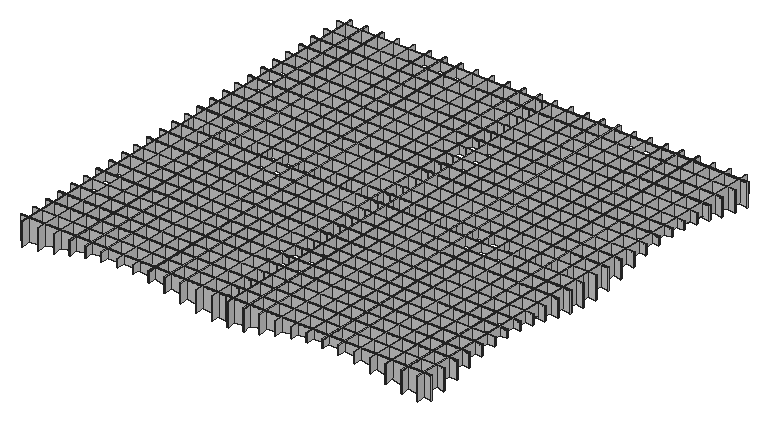
Revit family "CLD-WFL-002_RFA", category Modelos genéricos, Revit 2022 (continued)
Forms (in)
  Extrusion 58, solid
    sketch origin (0, 103.49967, 0) x (1, 0, 0) y (0, 0, 1)
      loop
        spline (87.47222, 3.21035) -> (88.12098, 3.07725) -> (88.77034, 2.94516) -> (89.42035, 2.81427) -> (90.07106, 2.68474) -> (90.72253, 2.55674) -> (91.37482, 2.43044) -> (92.02798, 2.30602) -> (92.68208, 2.18365) -> (93.33715, 2.0635) -> (93.99327, 1.94575) -> (94.65048, 1.83055) -> (95.30878, 1.71798)
        spline (95.30878, 1.71798) -> (96.03651, 1.59857) -> (96.76522, 1.48186) -> (97.49484, 1.36779) -> (98.2253, 1.25631) -> (98.95653, 1.14734) -> (99.68844, 1.04084) -> (100.42096, 0.93675) -> (101.15403, 0.83501) -> (101.88757, 0.73557) -> (102.62149, 0.63835) -> (103.35573, 0.54331) -> (104.09022, 0.45039)
        spline (104.09022, 0.45039) -> (104.41609, 0.41056) -> (104.74197, 0.37118) -> (105.06787, 0.33222) -> (105.39376, 0.29369) -> (105.71965, 0.25557) -> (106.04553, 0.21788) -> (106.37138, 0.18058) -> (106.6972, 0.14369) -> (107.02298, 0.10719) -> (107.34871, 0.07108) -> (107.67439, 0.03535) -> (108, 0)
        line (108, 0) -> (108, 11.82144)
    from -0.11811 to 0
  Extrusion 59, solid
    sketch origin (0, 104.09022, 0) x (1, 0, 0) y (0, 0, 1)
      loop
        line (108, 11.82144) -> (0, 11.82144) -> (0, 0)
        spline (0, 0) -> (0.32561, 0.03535) -> (0.65129, 0.07108) -> (0.97702, 0.10719) -> (1.3028, 0.14369) -> (1.62862, 0.18058) -> (1.95447, 0.21788) -> (2.28035, 0.25557) -> (2.60624, 0.29369) -> (2.93213, 0.33222) -> (3.25803, 0.37118) -> (3.58391, 0.41056) -> (3.90978, 0.45039)
        spline (3.90978, 0.45039) -> (4.64427, 0.54331) -> (5.37851, 0.63835) -> (6.11243, 0.73557) -> (6.84597, 0.83501) -> (7.57904, 0.93675) -> (8.31156, 1.04084) -> (9.04347, 1.14734) -> (9.7747, 1.25631) -> (10.50516, 1.36779) -> (11.23478, 1.48186) -> (11.96349, 1.59857) -> (12.69122, 1.71798)
        spline (12.69122, 1.71798) -> (13.38922, 1.83797) -> (14.08606, 1.96074) -> (14.78174, 2.08623) -> (15.47631, 2.21426) -> (16.16984, 2.34463) -> (16.86238, 2.47718) -> (17.55399, 2.61172) -> (18.24473, 2.74807) -> (18.93467, 2.88604) -> (19.62386, 3.02546) -> (20.31235, 3.16614) -> (21.00022, 3.30789)
        spline (21.00022, 3.30789) -> (21.65469, 3.44372) -> (22.3087, 3.5801) -> (22.96232, 3.71687) -> (23.61561, 3.85384) -> (24.26863, 3.99083) -> (24.92142, 4.12768) -> (25.57405, 4.2642) -> (26.22658, 4.40021) -> (26.87906, 4.53554) -> (27.53155, 4.67001) -> (28.18411, 4.80344) -> (28.83678, 4.93566)
        spline (28.83678, 4.93566) -> (29.71888, 5.11051) -> (30.60133, 5.28308) -> (31.48418, 5.45313) -> (32.36752, 5.62042) -> (33.25139, 5.78471) -> (34.13589, 5.94577) -> (35.02106, 6.10336) -> (35.90699, 6.25724) -> (36.79374, 6.40717) -> (37.68137, 6.55291) -> (38.56997, 6.69423) -> (39.45958, 6.83089)
        spline (39.45958, 6.83089) -> (39.81456, 6.88206) -> (40.17002, 6.93114) -> (40.52597, 6.97806) -> (40.88246, 7.0227) -> (41.2395, 7.065) -> (41.59707, 7.10495) -> (41.95516, 7.14258) -> (42.31373, 7.17791) -> (42.67277, 7.21097) -> (43.03223, 7.2418) -> (43.3921, 7.27043) -> (43.75234, 7.29687)
        spline (43.75234, 7.29687) -> (44.62318, 7.35197) -> (45.49474, 7.40207) -> (46.36696, 7.44722) -> (47.23979, 7.48751) -> (48.11314, 7.52299) -> (48.98697, 7.55374) -> (49.8612, 7.57983) -> (50.73577, 7.60132) -> (51.61063, 7.61828) -> (52.48569, 7.63078) -> (53.36091, 7.63889) -> (54.23622, 7.64268)
        spline (54.23622, 7.64268) -> (54.8905, 7.63994) -> (55.54471, 7.63396) -> (56.19881, 7.62471) -> (56.85275, 7.61212) -> (57.50648, 7.59614) -> (58.15996, 7.57673) -> (58.81313, 7.55383) -> (59.46596, 7.5274) -> (60.11838, 7.49738) -> (60.77036, 7.46371) -> (61.42184, 7.42635) -> (62.07278, 7.38525)
        spline (62.07278, 7.38525) -> (62.80971, 7.33115) -> (63.54587, 7.27259) -> (64.28121, 7.20951) -> (65.01566, 7.14186) -> (65.74917, 7.06957) -> (66.48169, 6.99259) -> (67.21316, 6.91086) -> (67.94353, 6.82432) -> (68.67277, 6.73297) -> (69.40093, 6.637) -> (70.12806, 6.53658) -> (70.85422, 6.4319)
        spline (70.85422, 6.4319) -> (71.51051, 6.33081) -> (72.16604, 6.22628) -> (72.82086, 6.11849) -> (73.47503, 6.00761) -> (74.12859, 5.89382) -> (74.78159, 5.7773) -> (75.43409, 5.65821) -> (76.08613, 5.53673) -> (76.73777, 5.41305) -> (77.38906, 5.28733) -> (78.04005, 5.15975) -> (78.69078, 5.03049)
        spline (78.69078, 5.03049) -> (79.42214, 4.88265) -> (80.15338, 4.73345) -> (80.88454, 4.58309) -> (81.6157, 4.43177) -> (82.3469, 4.27969) -> (83.07823, 4.12703) -> (83.80973, 3.97401) -> (84.54148, 3.82083) -> (85.27354, 3.66767) -> (86.00597, 3.51473) -> (86.73884, 3.36223) -> (87.47222, 3.21035)
        spline (87.47222, 3.21035) -> (88.12098, 3.07725) -> (88.77034, 2.94516) -> (89.42035, 2.81427) -> (90.07106, 2.68474) -> (90.72253, 2.55674) -> (91.37482, 2.43044) -> (92.02798, 2.30602) -> (92.68208, 2.18365) -> (93.33715, 2.0635) -> (93.99327, 1.94575) -> (94.65048, 1.83055) -> (95.30878, 1.71798)
        spline (95.30878, 1.71798) -> (96.03651, 1.59857) -> (96.76522, 1.48186) -> (97.49484, 1.36779) -> (98.2253, 1.25631) -> (98.95653, 1.14734) -> (99.68844, 1.04084) -> (100.42096, 0.93675) -> (101.15403, 0.83501) -> (101.88757, 0.73557) -> (102.62149, 0.63835) -> (103.35573, 0.54331) -> (104.09022, 0.45039)
        spline (104.09022, 0.45039) -> (104.41609, 0.41056) -> (104.74197, 0.37118) -> (105.06787, 0.33222) -> (105.39376, 0.29369) -> (105.71965, 0.25557) -> (106.04553, 0.21788) -> (106.37138, 0.18058) -> (106.6972, 0.14369) -> (107.02298, 0.10719) -> (107.34871, 0.07108) -> (107.67439, 0.03535) -> (108, 0)
        line (108, 0) -> (108, 11.82144)
    from -0.11811 to 0
  Extrusion 60, solid
    sketch origin (0, 103.97211, 0) x (1, 0, 0) y (0, 0, 1)
      loop
        line (108, 11.82144) -> (0, 11.82144) -> (0, 0)
        spline (0, 0) -> (0.32561, 0.03535) -> (0.65129, 0.07108) -> (0.97702, 0.10719) -> (1.3028, 0.14369) -> (1.62862, 0.18058) -> (1.95447, 0.21788) -> (2.28035, 0.25557) -> (2.60624, 0.29369) -> (2.93213, 0.33222) -> (3.25803, 0.37118) -> (3.58391, 0.41056) -> (3.90978, 0.45039)
        spline (3.90978, 0.45039) -> (4.64427, 0.54331) -> (5.37851, 0.63835) -> (6.11243, 0.73557) -> (6.84597, 0.83501) -> (7.57904, 0.93675) -> (8.31156, 1.04084) -> (9.04347, 1.14734) -> (9.7747, 1.25631) -> (10.50516, 1.36779) -> (11.23478, 1.48186) -> (11.96349, 1.59857) -> (12.69122, 1.71798)
        spline (12.69122, 1.71798) -> (13.38922, 1.83797) -> (14.08606, 1.96074) -> (14.78174, 2.08623) -> (15.47631, 2.21426) -> (16.16984, 2.34463) -> (16.86238, 2.47718) -> (17.55399, 2.61172) -> (18.24473, 2.74807) -> (18.93467, 2.88604) -> (19.62386, 3.02546) -> (20.31235, 3.16614) -> (21.00022, 3.30789)
        spline (21.00022, 3.30789) -> (21.65469, 3.44372) -> (22.3087, 3.5801) -> (22.96232, 3.71687) -> (23.61561, 3.85384) -> (24.26863, 3.99083) -> (24.92142, 4.12768) -> (25.57405, 4.2642) -> (26.22658, 4.40021) -> (26.87906, 4.53554) -> (27.53155, 4.67001) -> (28.18411, 4.80344) -> (28.83678, 4.93566)
        spline (28.83678, 4.93566) -> (29.71888, 5.11051) -> (30.60133, 5.28308) -> (31.48418, 5.45313) -> (32.36752, 5.62042) -> (33.25139, 5.78471) -> (34.13589, 5.94577) -> (35.02106, 6.10336) -> (35.90699, 6.25724) -> (36.79374, 6.40717) -> (37.68137, 6.55291) -> (38.56997, 6.69423) -> (39.45958, 6.83089)
        spline (39.45958, 6.83089) -> (39.81456, 6.88206) -> (40.17002, 6.93114) -> (40.52597, 6.97806) -> (40.88246, 7.0227) -> (41.2395, 7.065) -> (41.59707, 7.10495) -> (41.95516, 7.14258) -> (42.31373, 7.17791) -> (42.67277, 7.21097) -> (43.03223, 7.2418) -> (43.3921, 7.27043) -> (43.75234, 7.29687)
        spline (43.75234, 7.29687) -> (44.62318, 7.35197) -> (45.49474, 7.40207) -> (46.36696, 7.44722) -> (47.23979, 7.48751) -> (48.11314, 7.52299) -> (48.98697, 7.55374) -> (49.8612, 7.57983) -> (50.73577, 7.60132) -> (51.61063, 7.61828) -> (52.48569, 7.63078) -> (53.36091, 7.63889) -> (54.23622, 7.64268)
        spline (54.23622, 7.64268) -> (54.8905, 7.63994) -> (55.54471, 7.63396) -> (56.19881, 7.62471) -> (56.85275, 7.61212) -> (57.50648, 7.59614) -> (58.15996, 7.57673) -> (58.81313, 7.55383) -> (59.46596, 7.5274) -> (60.11838, 7.49738) -> (60.77036, 7.46371) -> (61.42184, 7.42635) -> (62.07278, 7.38525)
        spline (62.07278, 7.38525) -> (62.80971, 7.33115) -> (63.54587, 7.27259) -> (64.28121, 7.20951) -> (65.01566, 7.14186) -> (65.74917, 7.06957) -> (66.48169, 6.99259) -> (67.21316, 6.91086) -> (67.94353, 6.82432) -> (68.67277, 6.73297) -> (69.40093, 6.637) -> (70.12806, 6.53658) -> (70.85422, 6.4319)
        spline (70.85422, 6.4319) -> (71.51051, 6.33081) -> (72.16604, 6.22628) -> (72.82086, 6.11849) -> (73.47503, 6.00761) -> (74.12859, 5.89382) -> (74.78159, 5.7773) -> (75.43409, 5.65821) -> (76.08613, 5.53673) -> (76.73777, 5.41305) -> (77.38906, 5.28733) -> (78.04005, 5.15975) -> (78.69078, 5.03049)
        spline (78.69078, 5.03049) -> (79.42214, 4.88265) -> (80.15338, 4.73345) -> (80.88454, 4.58309) -> (81.6157, 4.43177) -> (82.3469, 4.27969) -> (83.07823, 4.12703) -> (83.80973, 3.97401) -> (84.54148, 3.82083) -> (85.27354, 3.66767) -> (86.00597, 3.51473) -> (86.73884, 3.36223) -> (87.47222, 3.21035)
        spline (87.47222, 3.21035) -> (88.12098, 3.07725) -> (88.77034, 2.94516) -> (89.42035, 2.81427) -> (90.07106, 2.68474) -> (90.72253, 2.55674) -> (91.37482, 2.43044) -> (92.02798, 2.30602) -> (92.68208, 2.18365) -> (93.33715, 2.0635) -> (93.99327, 1.94575) -> (94.65048, 1.83055) -> (95.30878, 1.71798)
        spline (95.30878, 1.71798) -> (96.03651, 1.59857) -> (96.76522, 1.48186) -> (97.49484, 1.36779) -> (98.2253, 1.25631) -> (98.95653, 1.14734) -> (99.68844, 1.04084) -> (100.42096, 0.93675) -> (101.15403, 0.83501) -> (101.88757, 0.73557) -> (102.62149, 0.63835) -> (103.35573, 0.54331) -> (104.09022, 0.45039)
        spline (104.09022, 0.45039) -> (104.41609, 0.41056) -> (104.74197, 0.37118) -> (105.06787, 0.33222) -> (105.39376, 0.29369) -> (105.71965, 0.25557) -> (106.04553, 0.21788) -> (106.37138, 0.18058) -> (106.6972, 0.14369) -> (107.02298, 0.10719) -> (107.34871, 0.07108) -> (107.67439, 0.03535) -> (108, 0)
        line (108, 0) -> (108, 11.82144)
    from -0.11811 to 0.35433
  Extrusion 61, solid, not visible
    sketch origin (0, 0, 0) x (1, 0, 0) y (0, 0, 1)
      loop
        line (108, 11.82144) -> (0, 11.82144) -> (0, 0)
        spline (0, 0) -> (0.32561, 0.03535) -> (0.65129, 0.07108) -> (0.97702, 0.10719) -> (1.3028, 0.14369) -> (1.62862, 0.18058) -> (1.95447, 0.21788) -> (2.28035, 0.25557) -> (2.60624, 0.29369) -> (2.93213, 0.33222) -> (3.25803, 0.37118) -> (3.58391, 0.41056) -> (3.90978, 0.45039)
        spline (3.90978, 0.45039) -> (4.64427, 0.54331) -> (5.37851, 0.63835) -> (6.11243, 0.73557) -> (6.84597, 0.83501) -> (7.57904, 0.93675) -> (8.31156, 1.04084) -> (9.04347, 1.14734) -> (9.7747, 1.25631) -> (10.50516, 1.36779) -> (11.23478, 1.48186) -> (11.96349, 1.59857) -> (12.69122, 1.71798)
        spline (12.69122, 1.71798) -> (13.38922, 1.83797) -> (14.08606, 1.96074) -> (14.78174, 2.08623) -> (15.47631, 2.21426) -> (16.16984, 2.34463) -> (16.86238, 2.47718) -> (17.55399, 2.61172) -> (18.24473, 2.74807) -> (18.93467, 2.88604) -> (19.62386, 3.02546) -> (20.31235, 3.16614) -> (21.00022, 3.30789)
        spline (21.00022, 3.30789) -> (21.65469, 3.44372) -> (22.3087, 3.5801) -> (22.96232, 3.71687) -> (23.61561, 3.85384) -> (24.26863, 3.99083) -> (24.92142, 4.12768) -> (25.57405, 4.2642) -> (26.22658, 4.40021) -> (26.87906, 4.53554) -> (27.53155, 4.67001) -> (28.18411, 4.80344) -> (28.83678, 4.93566)
        spline (28.83678, 4.93566) -> (29.71888, 5.11051) -> (30.60133, 5.28308) -> (31.48418, 5.45313) -> (32.36752, 5.62042) -> (33.25139, 5.78471) -> (34.13589, 5.94577) -> (35.02106, 6.10336) -> (35.90699, 6.25724) -> (36.79374, 6.40717) -> (37.68137, 6.55291) -> (38.56997, 6.69423) -> (39.45958, 6.83089)
        spline (39.45958, 6.83089) -> (39.81456, 6.88206) -> (40.17002, 6.93114) -> (40.52597, 6.97806) -> (40.88246, 7.0227) -> (41.2395, 7.065) -> (41.59707, 7.10495) -> (41.95516, 7.14258) -> (42.31373, 7.17791) -> (42.67277, 7.21097) -> (43.03223, 7.2418) -> (43.3921, 7.27043) -> (43.75234, 7.29687)
        spline (43.75234, 7.29687) -> (44.62318, 7.35197) -> (45.49474, 7.40207) -> (46.36696, 7.44722) -> (47.23979, 7.48751) -> (48.11314, 7.52299) -> (48.98697, 7.55374) -> (49.8612, 7.57983) -> (50.73577, 7.60132) -> (51.61063, 7.61828) -> (52.48569, 7.63078) -> (53.36091, 7.63889) -> (54.23622, 7.64268)
        spline (54.23622, 7.64268) -> (54.8905, 7.63994) -> (55.54471, 7.63396) -> (56.19881, 7.62471) -> (56.85275, 7.61212) -> (57.50648, 7.59614) -> (58.15996, 7.57673) -> (58.81313, 7.55383) -> (59.46596, 7.5274) -> (60.11838, 7.49738) -> (60.77036, 7.46371) -> (61.42184, 7.42635) -> (62.07278, 7.38525)
        spline (62.07278, 7.38525) -> (62.80971, 7.33115) -> (63.54587, 7.27259) -> (64.28121, 7.20951) -> (65.01566, 7.14186) -> (65.74917, 7.06957) -> (66.48169, 6.99259) -> (67.21316, 6.91086) -> (67.94353, 6.82432) -> (68.67277, 6.73297) -> (69.40093, 6.637) -> (70.12806, 6.53658) -> (70.85422, 6.4319)
        spline (70.85422, 6.4319) -> (71.51051, 6.33081) -> (72.16604, 6.22628) -> (72.82086, 6.11849) -> (73.47503, 6.00761) -> (74.12859, 5.89382) -> (74.78159, 5.7773) -> (75.43409, 5.65821) -> (76.08613, 5.53673) -> (76.73777, 5.41305) -> (77.38906, 5.28733) -> (78.04005, 5.15975) -> (78.69078, 5.03049)
        spline (78.69078, 5.03049) -> (79.42214, 4.88265) -> (80.15338, 4.73345) -> (80.88454, 4.58309) -> (81.6157, 4.43177) -> (82.3469, 4.27969) -> (83.07823, 4.12703) -> (83.80973, 3.97401) -> (84.54148, 3.82083) -> (85.27354, 3.66767) -> (86.00597, 3.51473) -> (86.73884, 3.36223) -> (87.47222, 3.21035)
        spline (87.47222, 3.21035) -> (88.12098, 3.07725) -> (88.77034, 2.94516) -> (89.42035, 2.81427) -> (90.07106, 2.68474) -> (90.72253, 2.55674) -> (91.37482, 2.43044) -> (92.02798, 2.30602) -> (92.68208, 2.18365) -> (93.33715, 2.0635) -> (93.99327, 1.94575) -> (94.65048, 1.83055) -> (95.30878, 1.71798)
        spline (95.30878, 1.71798) -> (96.03651, 1.59857) -> (96.76522, 1.48186) -> (97.49484, 1.36779) -> (98.2253, 1.25631) -> (98.95653, 1.14734) -> (99.68844, 1.04084) -> (100.42096, 0.93675) -> (101.15403, 0.83501) -> (101.88757, 0.73557) -> (102.62149, 0.63835) -> (103.35573, 0.54331) -> (104.09022, 0.45039)
        spline (104.09022, 0.45039) -> (104.41609, 0.41056) -> (104.74197, 0.37118) -> (105.06787, 0.33222) -> (105.39376, 0.29369) -> (105.71965, 0.25557) -> (106.04553, 0.21788) -> (106.37138, 0.18058) -> (106.6972, 0.14369) -> (107.02298, 0.10719) -> (107.34871, 0.07108) -> (107.67439, 0.03535) -> (108, 0)
        line (108, 0) -> (108, 11.82144)
    from -0.11811 to 0
  Extrusion 62, solid, not visible
    sketch origin (0, 0.59055, 0) x (1, 0, 0) y (0, 0, 1)
      loop
        line (108, 11.82144) -> (0, 11.82144) -> (0, 0)
        spline (0, 0) -> (0.32561, 0.03535) -> (0.65129, 0.07108) -> (0.97702, 0.10719) -> (1.3028, 0.14369) -> (1.62862, 0.18058) -> (1.95447, 0.21788) -> (2.28035, 0.25557) -> (2.60624, 0.29369) -> (2.93213, 0.33222) -> (3.25803, 0.37118) -> (3.58391, 0.41056) -> (3.90978, 0.45039)
        spline (3.90978, 0.45039) -> (4.64427, 0.54331) -> (5.37851, 0.63835) -> (6.11243, 0.73557) -> (6.84597, 0.83501) -> (7.57904, 0.93675) -> (8.31156, 1.04084) -> (9.04347, 1.14734) -> (9.7747, 1.25631) -> (10.50516, 1.36779) -> (11.23478, 1.48186) -> (11.96349, 1.59857) -> (12.69122, 1.71798)
        spline (12.69122, 1.71798) -> (13.38922, 1.83797) -> (14.08606, 1.96074) -> (14.78174, 2.08623) -> (15.47631, 2.21426) -> (16.16984, 2.34463) -> (16.86238, 2.47718) -> (17.55399, 2.61172) -> (18.24473, 2.74807) -> (18.93467, 2.88604) -> (19.62386, 3.02546) -> (20.31235, 3.16614) -> (21.00022, 3.30789)
        spline (21.00022, 3.30789) -> (21.65469, 3.44372) -> (22.3087, 3.5801) -> (22.96232, 3.71687) -> (23.61561, 3.85384) -> (24.26863, 3.99083) -> (24.92142, 4.12768) -> (25.57405, 4.2642) -> (26.22658, 4.40021) -> (26.87906, 4.53554) -> (27.53155, 4.67001) -> (28.18411, 4.80344) -> (28.83678, 4.93566)
        spline (28.83678, 4.93566) -> (29.71888, 5.11051) -> (30.60133, 5.28308) -> (31.48418, 5.45313) -> (32.36752, 5.62042) -> (33.25139, 5.78471) -> (34.13589, 5.94577) -> (35.02106, 6.10336) -> (35.90699, 6.25724) -> (36.79374, 6.40717) -> (37.68137, 6.55291) -> (38.56997, 6.69423) -> (39.45958, 6.83089)
        spline (39.45958, 6.83089) -> (39.81456, 6.88206) -> (40.17002, 6.93114) -> (40.52597, 6.97806) -> (40.88246, 7.0227) -> (41.2395, 7.065) -> (41.59707, 7.10495) -> (41.95516, 7.14258) -> (42.31373, 7.17791) -> (42.67277, 7.21097) -> (43.03223, 7.2418) -> (43.3921, 7.27043) -> (43.75234, 7.29687)
        spline (43.75234, 7.29687) -> (44.62318, 7.35197) -> (45.49474, 7.40207) -> (46.36696, 7.44722) -> (47.23979, 7.48751) -> (48.11314, 7.52299) -> (48.98697, 7.55374) -> (49.8612, 7.57983) -> (50.73577, 7.60132) -> (51.61063, 7.61828) -> (52.48569, 7.63078) -> (53.36091, 7.63889) -> (54.23622, 7.64268)
        spline (54.23622, 7.64268) -> (54.8905, 7.63994) -> (55.54471, 7.63396) -> (56.19881, 7.62471) -> (56.85275, 7.61212) -> (57.50648, 7.59614) -> (58.15996, 7.57673) -> (58.81313, 7.55383) -> (59.46596, 7.5274) -> (60.11838, 7.49738) -> (60.77036, 7.46371) -> (61.42184, 7.42635) -> (62.07278, 7.38525)
        spline (62.07278, 7.38525) -> (62.80971, 7.33115) -> (63.54587, 7.27259) -> (64.28121, 7.20951) -> (65.01566, 7.14186) -> (65.74917, 7.06957) -> (66.48169, 6.99259) -> (67.21316, 6.91086) -> (67.94353, 6.82432) -> (68.67277, 6.73297) -> (69.40093, 6.637) -> (70.12806, 6.53658) -> (70.85422, 6.4319)
        spline (70.85422, 6.4319) -> (71.51051, 6.33081) -> (72.16604, 6.22628) -> (72.82086, 6.11849) -> (73.47503, 6.00761) -> (74.12859, 5.89382) -> (74.78159, 5.7773) -> (75.43409, 5.65821) -> (76.08613, 5.53673) -> (76.73777, 5.41305) -> (77.38906, 5.28733) -> (78.04005, 5.15975) -> (78.69078, 5.03049)
        spline (78.69078, 5.03049) -> (79.42214, 4.88265) -> (80.15338, 4.73345) -> (80.88454, 4.58309) -> (81.6157, 4.43177) -> (82.3469, 4.27969) -> (83.07823, 4.12703) -> (83.80973, 3.97401) -> (84.54148, 3.82083) -> (85.27354, 3.66767) -> (86.00597, 3.51473) -> (86.73884, 3.36223) -> (87.47222, 3.21035)
        spline (87.47222, 3.21035) -> (88.12098, 3.07725) -> (88.77034, 2.94516) -> (89.42035, 2.81427) -> (90.07106, 2.68474) -> (90.72253, 2.55674) -> (91.37482, 2.43044) -> (92.02798, 2.30602) -> (92.68208, 2.18365) -> (93.33715, 2.0635) -> (93.99327, 1.94575) -> (94.65048, 1.83055) -> (95.30878, 1.71798)
        spline (95.30878, 1.71798) -> (96.03651, 1.59857) -> (96.76522, 1.48186) -> (97.49484, 1.36779) -> (98.2253, 1.25631) -> (98.95653, 1.14734) -> (99.68844, 1.04084) -> (100.42096, 0.93675) -> (101.15403, 0.83501) -> (101.88757, 0.73557) -> (102.62149, 0.63835) -> (103.35573, 0.54331) -> (104.09022, 0.45039)
        spline (104.09022, 0.45039) -> (104.41609, 0.41056) -> (104.74197, 0.37118) -> (105.06787, 0.33222) -> (105.39376, 0.29369) -> (105.71965, 0.25557) -> (106.04553, 0.21788) -> (106.37138, 0.18058) -> (106.6972, 0.14369) -> (107.02298, 0.10719) -> (107.34871, 0.07108) -> (107.67439, 0.03535) -> (108, 0)
        line (108, 0) -> (108, 11.82144)
    from -0.11811 to 0
  Extrusion 63, solid, not visible
    sketch origin (0, 0.47244, 0) x (1, 0, 0) y (0, 0, 1)
      loop
        line (108, 11.82144) -> (0, 11.82144) -> (0, 0)
        spline (0, 0) -> (0.32561, 0.03535) -> (0.65129, 0.07108) -> (0.97702, 0.10719) -> (1.3028, 0.14369) -> (1.62862, 0.18058) -> (1.95447, 0.21788) -> (2.28035, 0.25557) -> (2.60624, 0.29369) -> (2.93213, 0.33222) -> (3.25803, 0.37118) -> (3.58391, 0.41056) -> (3.90978, 0.45039)
        spline (3.90978, 0.45039) -> (4.64427, 0.54331) -> (5.37851, 0.63835) -> (6.11243, 0.73557) -> (6.84597, 0.83501) -> (7.57904, 0.93675) -> (8.31156, 1.04084) -> (9.04347, 1.14734) -> (9.7747, 1.25631) -> (10.50516, 1.36779) -> (11.23478, 1.48186) -> (11.96349, 1.59857) -> (12.69122, 1.71798)
        spline (12.69122, 1.71798) -> (13.38922, 1.83797) -> (14.08606, 1.96074) -> (14.78174, 2.08623) -> (15.47631, 2.21426) -> (16.16984, 2.34463) -> (16.86238, 2.47718) -> (17.55399, 2.61172) -> (18.24473, 2.74807) -> (18.93467, 2.88604) -> (19.62386, 3.02546) -> (20.31235, 3.16614) -> (21.00022, 3.30789)
        spline (21.00022, 3.30789) -> (21.65469, 3.44372) -> (22.3087, 3.5801) -> (22.96232, 3.71687) -> (23.61561, 3.85384) -> (24.26863, 3.99083) -> (24.92142, 4.12768) -> (25.57405, 4.2642) -> (26.22658, 4.40021) -> (26.87906, 4.53554) -> (27.53155, 4.67001) -> (28.18411, 4.80344) -> (28.83678, 4.93566)
        spline (28.83678, 4.93566) -> (29.71888, 5.11051) -> (30.60133, 5.28308) -> (31.48418, 5.45313) -> (32.36752, 5.62042) -> (33.25139, 5.78471) -> (34.13589, 5.94577) -> (35.02106, 6.10336) -> (35.90699, 6.25724) -> (36.79374, 6.40717) -> (37.68137, 6.55291) -> (38.56997, 6.69423) -> (39.45958, 6.83089)
        spline (39.45958, 6.83089) -> (39.81456, 6.88206) -> (40.17002, 6.93114) -> (40.52597, 6.97806) -> (40.88246, 7.0227) -> (41.2395, 7.065) -> (41.59707, 7.10495) -> (41.95516, 7.14258) -> (42.31373, 7.17791) -> (42.67277, 7.21097) -> (43.03223, 7.2418) -> (43.3921, 7.27043) -> (43.75234, 7.29687)
        spline (43.75234, 7.29687) -> (44.62318, 7.35197) -> (45.49474, 7.40207) -> (46.36696, 7.44722) -> (47.23979, 7.48751) -> (48.11314, 7.52299) -> (48.98697, 7.55374) -> (49.8612, 7.57983) -> (50.73577, 7.60132) -> (51.61063, 7.61828) -> (52.48569, 7.63078) -> (53.36091, 7.63889) -> (54.23622, 7.64268)
        spline (54.23622, 7.64268) -> (54.8905, 7.63994) -> (55.54471, 7.63396) -> (56.19881, 7.62471) -> (56.85275, 7.61212) -> (57.50648, 7.59614) -> (58.15996, 7.57673) -> (58.81313, 7.55383) -> (59.46596, 7.5274) -> (60.11838, 7.49738) -> (60.77036, 7.46371) -> (61.42184, 7.42635) -> (62.07278, 7.38525)
        spline (62.07278, 7.38525) -> (62.80971, 7.33115) -> (63.54587, 7.27259) -> (64.28121, 7.20951) -> (65.01566, 7.14186) -> (65.74917, 7.06957) -> (66.48169, 6.99259) -> (67.21316, 6.91086) -> (67.94353, 6.82432) -> (68.67277, 6.73297) -> (69.40093, 6.637) -> (70.12806, 6.53658) -> (70.85422, 6.4319)
        spline (70.85422, 6.4319) -> (71.51051, 6.33081) -> (72.16604, 6.22628) -> (72.82086, 6.11849) -> (73.47503, 6.00761) -> (74.12859, 5.89382) -> (74.78159, 5.7773) -> (75.43409, 5.65821) -> (76.08613, 5.53673) -> (76.73777, 5.41305) -> (77.38906, 5.28733) -> (78.04005, 5.15975) -> (78.69078, 5.03049)
        spline (78.69078, 5.03049) -> (79.42214, 4.88265) -> (80.15338, 4.73345) -> (80.88454, 4.58309) -> (81.6157, 4.43177) -> (82.3469, 4.27969) -> (83.07823, 4.12703) -> (83.80973, 3.97401) -> (84.54148, 3.82083) -> (85.27354, 3.66767) -> (86.00597, 3.51473) -> (86.73884, 3.36223) -> (87.47222, 3.21035)
        spline (87.47222, 3.21035) -> (88.12098, 3.07725) -> (88.77034, 2.94516) -> (89.42035, 2.81427) -> (90.07106, 2.68474) -> (90.72253, 2.55674) -> (91.37482, 2.43044) -> (92.02798, 2.30602) -> (92.68208, 2.18365) -> (93.33715, 2.0635) -> (93.99327, 1.94575) -> (94.65048, 1.83055) -> (95.30878, 1.71798)
        spline (95.30878, 1.71798) -> (96.03651, 1.59857) -> (96.76522, 1.48186) -> (97.49484, 1.36779) -> (98.2253, 1.25631) -> (98.95653, 1.14734) -> (99.68844, 1.04084) -> (100.42096, 0.93675) -> (101.15403, 0.83501) -> (101.88757, 0.73557) -> (102.62149, 0.63835) -> (103.35573, 0.54331) -> (104.09022, 0.45039)
        spline (104.09022, 0.45039) -> (104.41609, 0.41056) -> (104.74197, 0.37118) -> (105.06787, 0.33222) -> (105.39376, 0.29369) -> (105.71965, 0.25557) -> (106.04553, 0.21788) -> (106.37138, 0.18058) -> (106.6972, 0.14369) -> (107.02298, 0.10719) -> (107.34871, 0.07108) -> (107.67439, 0.03535) -> (108, 0)
        line (108, 0) -> (108, 11.82144)
    from -0.11811 to 0.35433
  Extrusion 64, solid, not visible
    sketch origin (0, 8.309, 0) x (1, 0, 0) y (0, 0, 1)
      loop
        line (108, 11.82144) -> (0, 11.82144) -> (0, 0.88375)
        spline (0, 0.88375) -> (0.32561, 0.94348) -> (0.65129, 1.00296) -> (0.97702, 1.06219) -> (1.3028, 1.12116) -> (1.62862, 1.1799) -> (1.95447, 1.23838) -> (2.28035, 1.29662) -> (2.60624, 1.35462) -> (2.93213, 1.41237) -> (3.25803, 1.46988) -> (3.58391, 1.52715) -> (3.90978, 1.58418)
        spline (3.90978, 1.58418) -> (4.64426, 1.71122) -> (5.37851, 1.8372) -> (6.11243, 1.96212) -> (6.84596, 2.086) -> (7.57903, 2.20885) -> (8.31155, 2.33067) -> (9.04347, 2.45149) -> (9.77469, 2.57131) -> (10.50515, 2.69014) -> (11.23478, 2.80798) -> (11.96349, 2.92486) -> (12.69122, 3.04079)
        spline (12.69122, 3.04079) -> (13.34952, 3.14441) -> (14.00673, 3.24717) -> (14.66285, 3.34906) -> (15.31792, 3.45005) -> (15.97202, 3.55011) -> (16.62518, 3.64921) -> (17.27747, 3.74732) -> (17.92894, 3.8444) -> (18.57965, 3.94043) -> (19.22966, 4.03537) -> (19.87902, 4.12919) -> (20.52778, 4.22187)
        spline (20.52778, 4.22187) -> (21.26116, 4.32437) -> (21.99403, 4.42546) -> (22.72646, 4.52511) -> (23.45852, 4.62328) -> (24.19027, 4.71993) -> (24.92177, 4.81503) -> (25.6531, 4.90854) -> (26.3843, 5.00042) -> (27.11545, 5.09065) -> (27.84662, 5.17918) -> (28.57786, 5.26598) -> (29.30922, 5.35101)
        spline (29.30922, 5.35101) -> (29.95995, 5.42391) -> (30.61094, 5.49516) -> (31.26223, 5.56472) -> (31.91387, 5.63257) -> (32.56591, 5.69867) -> (33.21841, 5.763) -> (33.87141, 5.82551) -> (34.52497, 5.88618) -> (35.17914, 5.94498) -> (35.83396, 6.00187) -> (36.48949, 6.05683) -> (37.14578, 6.10982)
        spline (37.14578, 6.10982) -> (37.87194, 6.16453) -> (38.59907, 6.21702) -> (39.32723, 6.26723) -> (40.05647, 6.31514) -> (40.78684, 6.36072) -> (41.51831, 6.40397) -> (42.25083, 6.44489) -> (42.98434, 6.4835) -> (43.71879, 6.51981) -> (44.45413, 6.55383) -> (45.19029, 6.58557) -> (45.92722, 6.61503)
        spline (45.92722, 6.61503) -> (46.57816, 6.6376) -> (47.22964, 6.65822) -> (47.88162, 6.67689) -> (48.53404, 6.69363) -> (49.18687, 6.70845) -> (49.84004, 6.72134) -> (50.49352, 6.73234) -> (51.14725, 6.74143) -> (51.80119, 6.74863) -> (52.45529, 6.75396) -> (53.1095, 6.75742) -> (53.76378, 6.75901)
        spline (53.76378, 6.75901) -> (54.49695, 6.7572) -> (55.23004, 6.75331) -> (55.96301, 6.74732) -> (56.6958, 6.73922) -> (57.42835, 6.72901) -> (58.16062, 6.71667) -> (58.89255, 6.7022) -> (59.62408, 6.68557) -> (60.35517, 6.66679) -> (61.08576, 6.64585) -> (61.81579, 6.62272) -> (62.54522, 6.59741)
        spline (62.54522, 6.59741) -> (63.20286, 6.57112) -> (63.85981, 6.54281) -> (64.51602, 6.51247) -> (65.17144, 6.48008) -> (65.82603, 6.44563) -> (66.47973, 6.40912) -> (67.1325, 6.37054) -> (67.78428, 6.32988) -> (68.43505, 6.28713) -> (69.08486, 6.24233) -> (69.73376, 6.19551) -> (70.38178, 6.14669)
        spline (70.38178, 6.14669) -> (71.1172, 6.08737) -> (71.85177, 6.02584) -> (72.58554, 5.96214) -> (73.31858, 5.89631) -> (74.05094, 5.82838) -> (74.78268, 5.75838) -> (75.51386, 5.68636) -> (76.24452, 5.61234) -> (76.97473, 5.53637) -> (77.70455, 5.45847) -> (78.43403, 5.37869) -> (79.16322, 5.29705)
        spline (79.16322, 5.29705) -> (79.81589, 5.22111) -> (80.46845, 5.14359) -> (81.12094, 5.06452) -> (81.77342, 4.98394) -> (82.42595, 4.90188) -> (83.07858, 4.81837) -> (83.73137, 4.73344) -> (84.38439, 4.64713) -> (85.03768, 4.55947) -> (85.6913, 4.47048) -> (86.34531, 4.3802) -> (86.99978, 4.28866)
        spline (86.99978, 4.28866) -> (87.72677, 4.18488) -> (88.45442, 4.07981) -> (89.1828, 3.97349) -> (89.91197, 3.86595) -> (90.64199, 3.75723) -> (91.37293, 3.64737) -> (92.10485, 3.53639) -> (92.8378, 3.42433) -> (93.57186, 3.31123) -> (94.30709, 3.19712) -> (95.04354, 3.08203) -> (95.78122, 2.96599)
        spline (95.78122, 2.96599) -> (96.4698, 2.85601) -> (97.15931, 2.74512) -> (97.84968, 2.63332) -> (98.54085, 2.52058) -> (99.23273, 2.40692) -> (99.92527, 2.2923) -> (100.61838, 2.17673) -> (101.31201, 2.06019) -> (102.00608, 1.94268) -> (102.70052, 1.82418) -> (103.39525, 1.70469) -> (104.09022, 1.58418)
        spline (104.09022, 1.58418) -> (104.41609, 1.52715) -> (104.74197, 1.46988) -> (105.06787, 1.41237) -> (105.39376, 1.35462) -> (105.71965, 1.29662) -> (106.04553, 1.23838) -> (106.37138, 1.1799) -> (106.6972, 1.12116) -> (107.02298, 1.06219) -> (107.34871, 1.00296) -> (107.67439, 0.94348) -> (108, 0.88375)
        line (108, 0.88375) -> (108, 11.82144)
    from -0.11811 to 0
  Extrusion 65, solid, not visible
    sketch origin (0, 8.78144, 0) x (1, 0, 0) y (0, 0, 1)
      loop
        line (108, 11.82144) -> (0, 11.82144) -> (0, 0.88375)
        spline (0, 0.88375) -> (0.32561, 0.94348) -> (0.65129, 1.00296) -> (0.97702, 1.06219) -> (1.3028, 1.12116) -> (1.62862, 1.1799) -> (1.95447, 1.23838) -> (2.28035, 1.29662) -> (2.60624, 1.35462) -> (2.93213, 1.41237) -> (3.25803, 1.46988) -> (3.58391, 1.52715) -> (3.90978, 1.58418)
        spline (3.90978, 1.58418) -> (4.64426, 1.71122) -> (5.37851, 1.8372) -> (6.11243, 1.96212) -> (6.84596, 2.086) -> (7.57903, 2.20885) -> (8.31155, 2.33067) -> (9.04347, 2.45149) -> (9.77469, 2.57131) -> (10.50515, 2.69014) -> (11.23478, 2.80798) -> (11.96349, 2.92486) -> (12.69122, 3.04079)
        spline (12.69122, 3.04079) -> (13.34952, 3.14441) -> (14.00673, 3.24717) -> (14.66285, 3.34906) -> (15.31792, 3.45005) -> (15.97202, 3.55011) -> (16.62518, 3.64921) -> (17.27747, 3.74732) -> (17.92894, 3.8444) -> (18.57965, 3.94043) -> (19.22966, 4.03537) -> (19.87902, 4.12919) -> (20.52778, 4.22187)
        spline (20.52778, 4.22187) -> (21.26116, 4.32437) -> (21.99403, 4.42546) -> (22.72646, 4.52511) -> (23.45852, 4.62328) -> (24.19027, 4.71993) -> (24.92177, 4.81503) -> (25.6531, 4.90854) -> (26.3843, 5.00042) -> (27.11545, 5.09065) -> (27.84662, 5.17918) -> (28.57786, 5.26598) -> (29.30922, 5.35101)
        spline (29.30922, 5.35101) -> (29.95995, 5.42391) -> (30.61094, 5.49516) -> (31.26223, 5.56472) -> (31.91387, 5.63257) -> (32.56591, 5.69867) -> (33.21841, 5.763) -> (33.87141, 5.82551) -> (34.52497, 5.88618) -> (35.17914, 5.94498) -> (35.83396, 6.00187) -> (36.48949, 6.05683) -> (37.14578, 6.10982)
        spline (37.14578, 6.10982) -> (37.87194, 6.16453) -> (38.59907, 6.21702) -> (39.32723, 6.26723) -> (40.05647, 6.31514) -> (40.78684, 6.36072) -> (41.51831, 6.40397) -> (42.25083, 6.44489) -> (42.98434, 6.4835) -> (43.71879, 6.51981) -> (44.45413, 6.55383) -> (45.19029, 6.58557) -> (45.92722, 6.61503)
        spline (45.92722, 6.61503) -> (46.57816, 6.6376) -> (47.22964, 6.65822) -> (47.88162, 6.67689) -> (48.53404, 6.69363) -> (49.18687, 6.70845) -> (49.84004, 6.72134) -> (50.49352, 6.73234) -> (51.14725, 6.74143) -> (51.80119, 6.74863) -> (52.45529, 6.75396) -> (53.1095, 6.75742) -> (53.76378, 6.75901)
        spline (53.76378, 6.75901) -> (54.49695, 6.7572) -> (55.23004, 6.75331) -> (55.96301, 6.74732) -> (56.6958, 6.73922) -> (57.42835, 6.72901) -> (58.16062, 6.71667) -> (58.89255, 6.7022) -> (59.62408, 6.68557) -> (60.35517, 6.66679) -> (61.08576, 6.64585) -> (61.81579, 6.62272) -> (62.54522, 6.59741)
        spline (62.54522, 6.59741) -> (63.20286, 6.57112) -> (63.85981, 6.54281) -> (64.51602, 6.51247) -> (65.17144, 6.48008) -> (65.82603, 6.44563) -> (66.47973, 6.40912) -> (67.1325, 6.37054) -> (67.78428, 6.32988) -> (68.43505, 6.28713) -> (69.08486, 6.24233) -> (69.73376, 6.19551) -> (70.38178, 6.14669)
        spline (70.38178, 6.14669) -> (71.1172, 6.08737) -> (71.85177, 6.02584) -> (72.58554, 5.96214) -> (73.31858, 5.89631) -> (74.05094, 5.82838) -> (74.78268, 5.75838) -> (75.51386, 5.68636) -> (76.24452, 5.61234) -> (76.97473, 5.53637) -> (77.70455, 5.45847) -> (78.43403, 5.37869) -> (79.16322, 5.29705)
        spline (79.16322, 5.29705) -> (79.81589, 5.22111) -> (80.46845, 5.14359) -> (81.12094, 5.06452) -> (81.77342, 4.98394) -> (82.42595, 4.90188) -> (83.07858, 4.81837) -> (83.73137, 4.73344) -> (84.38439, 4.64713) -> (85.03768, 4.55947) -> (85.6913, 4.47048) -> (86.34531, 4.3802) -> (86.99978, 4.28866)
        spline (86.99978, 4.28866) -> (87.72677, 4.18488) -> (88.45442, 4.07981) -> (89.1828, 3.97349) -> (89.91197, 3.86595) -> (90.64199, 3.75723) -> (91.37293, 3.64737) -> (92.10485, 3.53639) -> (92.8378, 3.42433) -> (93.57186, 3.31123) -> (94.30709, 3.19712) -> (95.04354, 3.08203) -> (95.78122, 2.96599)
        spline (95.78122, 2.96599) -> (96.4698, 2.85601) -> (97.15931, 2.74512) -> (97.84968, 2.63332) -> (98.54085, 2.52058) -> (99.23273, 2.40692) -> (99.92527, 2.2923) -> (100.61838, 2.17673) -> (101.31201, 2.06019) -> (102.00608, 1.94268) -> (102.70052, 1.82418) -> (103.39525, 1.70469) -> (104.09022, 1.58418)
        spline (104.09022, 1.58418) -> (104.41609, 1.52715) -> (104.74197, 1.46988) -> (105.06787, 1.41237) -> (105.39376, 1.35462) -> (105.71965, 1.29662) -> (106.04553, 1.23838) -> (106.37138, 1.1799) -> (106.6972, 1.12116) -> (107.02298, 1.06219) -> (107.34871, 1.00296) -> (107.67439, 0.94348) -> (108, 0.88375)
        line (108, 0.88375) -> (108, 11.82144)
    from -0.11811 to 0.35433
  Extrusion 66, solid, not visible
    sketch origin (0, 16.618, 0) x (1, 0, 0) y (0, 0, 1)
      loop
        line (108, 11.82144) -> (0, 11.82144) -> (0, 2.55729)
        spline (0, 2.55729) -> (0.32561, 2.61504) -> (0.65129, 2.67215) -> (0.97702, 2.72862) -> (1.3028, 2.78445) -> (1.62862, 2.83963) -> (1.95447, 2.89415) -> (2.28035, 2.94802) -> (2.60624, 3.00123) -> (2.93213, 3.05379) -> (3.25803, 3.10567) -> (3.58391, 3.15689) -> (3.90978, 3.20744)
        spline (3.90978, 3.20744) -> (4.64427, 3.31686) -> (5.37851, 3.42317) -> (6.11243, 3.52634) -> (6.84596, 3.62635) -> (7.57903, 3.72316) -> (8.31156, 3.81675) -> (9.04347, 3.90709) -> (9.77469, 3.99415) -> (10.50515, 4.07789) -> (11.23478, 4.1583) -> (11.96349, 4.23534) -> (12.69122, 4.30898)
        spline (12.69122, 4.30898) -> (13.34952, 4.37039) -> (14.00673, 4.4286) -> (14.66285, 4.48364) -> (15.31792, 4.53559) -> (15.97202, 4.58455) -> (16.62518, 4.63059) -> (17.27747, 4.67381) -> (17.92894, 4.71429) -> (18.57965, 4.75212) -> (19.22966, 4.78738) -> (19.87902, 4.82016) -> (20.52778, 4.85054)
        spline (20.52778, 4.85054) -> (21.26115, 4.88062) -> (21.99402, 4.90823) -> (22.72646, 4.93347) -> (23.45851, 4.95644) -> (24.19026, 4.97724) -> (24.92176, 4.99598) -> (25.65309, 5.01275) -> (26.38429, 5.02764) -> (27.11545, 5.04077) -> (27.84661, 5.05223) -> (28.57785, 5.06211) -> (29.30922, 5.07053)
        spline (29.30922, 5.07053) -> (29.95995, 5.07584) -> (30.61094, 5.08009) -> (31.26223, 5.08336) -> (31.91387, 5.08574) -> (32.56591, 5.08733) -> (33.21841, 5.0882) -> (33.87141, 5.08846) -> (34.52497, 5.08817) -> (35.17914, 5.08744) -> (35.83396, 5.08636) -> (36.48949, 5.085) -> (37.14578, 5.08346)
        spline (37.14578, 5.08346) -> (37.87194, 5.08165) -> (38.59907, 5.0799) -> (39.32723, 5.0783) -> (40.05647, 5.07696) -> (40.78684, 5.07594) -> (41.51831, 5.07527) -> (42.25083, 5.07491) -> (42.98434, 5.07483) -> (43.7188, 5.075) -> (44.45413, 5.07538) -> (45.19029, 5.07596) -> (45.92722, 5.0767)
        spline (45.92722, 5.0767) -> (46.57816, 5.07753) -> (47.22964, 5.07843) -> (47.88162, 5.07937) -> (48.53404, 5.08033) -> (49.18687, 5.08128) -> (49.84004, 5.0822) -> (50.49352, 5.08306) -> (51.14725, 5.08383) -> (51.80119, 5.0845) -> (52.45529, 5.08503) -> (53.1095, 5.0854) -> (53.76378, 5.08558)
        spline (53.76378, 5.08558) -> (54.49695, 5.08542) -> (55.23004, 5.08505) -> (55.96301, 5.0845) -> (56.6958, 5.0838) -> (57.42835, 5.08298) -> (58.16062, 5.08206) -> (58.89255, 5.08107) -> (59.62408, 5.08005) -> (60.35517, 5.07902) -> (61.08576, 5.07801) -> (61.81579, 5.07705) -> (62.54522, 5.07616)
        spline (62.54522, 5.07616) -> (63.20286, 5.07551) -> (63.85981, 5.075) -> (64.51602, 5.07466) -> (65.17144, 5.07452) -> (65.82603, 5.0746) -> (66.47973, 5.07493) -> (67.1325, 5.07554) -> (67.78428, 5.07645) -> (68.43505, 5.07766) -> (69.08486, 5.07909) -> (69.73376, 5.08066) -> (70.38178, 5.08229)
        spline (70.38178, 5.08229) -> (71.1172, 5.08386) -> (71.85177, 5.08523) -> (72.58555, 5.08629) -> (73.31859, 5.08695) -> (74.05095, 5.08712) -> (74.78269, 5.08668) -> (75.51386, 5.08555) -> (76.24453, 5.08362) -> (76.97474, 5.08079) -> (77.70455, 5.07697) -> (78.43403, 5.07206) -> (79.16322, 5.06596)
        spline (79.16322, 5.06596) -> (79.81589, 5.05858) -> (80.46845, 5.04989) -> (81.12094, 5.0398) -> (81.77342, 5.02821) -> (82.42595, 5.01505) -> (83.07858, 5.00022) -> (83.73137, 4.98363) -> (84.38439, 4.9652) -> (85.03768, 4.94483) -> (85.6913, 4.92244) -> (86.34531, 4.89793) -> (86.99978, 4.87123)
        spline (86.99978, 4.87123) -> (87.72677, 4.83707) -> (88.45442, 4.80022) -> (89.18281, 4.7606) -> (89.91198, 4.7181) -> (90.642, 4.67263) -> (91.37294, 4.62408) -> (92.10486, 4.57237) -> (92.83781, 4.5174) -> (93.57187, 4.45907) -> (94.3071, 4.39728) -> (95.04355, 4.33194) -> (95.78122, 4.26301)
        spline (95.78122, 4.26301) -> (96.43065, 4.19725) -> (97.08095, 4.12847) -> (97.73207, 4.05667) -> (98.38393, 3.9819) -> (99.03648, 3.90417) -> (99.68963, 3.82352) -> (100.34334, 3.73996) -> (100.99753, 3.65352) -> (101.65213, 3.56424) -> (102.30709, 3.47213) -> (102.96233, 3.37722) -> (103.61778, 3.27954)
        spline (103.61778, 3.27954) -> (103.98302, 3.22342) -> (104.34828, 3.16655) -> (104.71355, 3.10893) -> (105.07882, 3.05057) -> (105.44409, 2.99146) -> (105.80934, 2.93162) -> (106.17456, 2.87105) -> (106.53976, 2.80974) -> (106.9049, 2.74771) -> (107.27, 2.68496) -> (107.63504, 2.62148) -> (108, 2.55729)
        line (108, 2.55729) -> (108, 11.82144)
    from -0.11811 to 0
  Extrusion 67, solid, not visible
    sketch origin (0, 16.73611, 0) x (1, 0, 0) y (0, 0, 1)
      loop
        line (108, 11.82144) -> (0, 11.82144) -> (0, 2.55729)
        spline (0, 2.55729) -> (0.32561, 2.61504) -> (0.65129, 2.67215) -> (0.97702, 2.72862) -> (1.3028, 2.78445) -> (1.62862, 2.83963) -> (1.95447, 2.89415) -> (2.28035, 2.94802) -> (2.60624, 3.00123) -> (2.93213, 3.05379) -> (3.25803, 3.10567) -> (3.58391, 3.15689) -> (3.90978, 3.20744)
        spline (3.90978, 3.20744) -> (4.64427, 3.31686) -> (5.37851, 3.42317) -> (6.11243, 3.52634) -> (6.84596, 3.62635) -> (7.57903, 3.72316) -> (8.31156, 3.81675) -> (9.04347, 3.90709) -> (9.77469, 3.99415) -> (10.50515, 4.07789) -> (11.23478, 4.1583) -> (11.96349, 4.23534) -> (12.69122, 4.30898)
        spline (12.69122, 4.30898) -> (13.34952, 4.37039) -> (14.00673, 4.4286) -> (14.66285, 4.48364) -> (15.31792, 4.53559) -> (15.97202, 4.58455) -> (16.62518, 4.63059) -> (17.27747, 4.67381) -> (17.92894, 4.71429) -> (18.57965, 4.75212) -> (19.22966, 4.78738) -> (19.87902, 4.82016) -> (20.52778, 4.85054)
        spline (20.52778, 4.85054) -> (21.26115, 4.88062) -> (21.99402, 4.90823) -> (22.72646, 4.93347) -> (23.45851, 4.95644) -> (24.19026, 4.97724) -> (24.92176, 4.99598) -> (25.65309, 5.01275) -> (26.38429, 5.02764) -> (27.11545, 5.04077) -> (27.84661, 5.05223) -> (28.57785, 5.06211) -> (29.30922, 5.07053)
        spline (29.30922, 5.07053) -> (29.95995, 5.07584) -> (30.61094, 5.08009) -> (31.26223, 5.08336) -> (31.91387, 5.08574) -> (32.56591, 5.08733) -> (33.21841, 5.0882) -> (33.87141, 5.08846) -> (34.52497, 5.08817) -> (35.17914, 5.08744) -> (35.83396, 5.08636) -> (36.48949, 5.085) -> (37.14578, 5.08346)
        spline (37.14578, 5.08346) -> (37.87194, 5.08165) -> (38.59907, 5.0799) -> (39.32723, 5.0783) -> (40.05647, 5.07696) -> (40.78684, 5.07594) -> (41.51831, 5.07527) -> (42.25083, 5.07491) -> (42.98434, 5.07483) -> (43.7188, 5.075) -> (44.45413, 5.07538) -> (45.19029, 5.07596) -> (45.92722, 5.0767)
        spline (45.92722, 5.0767) -> (46.57816, 5.07753) -> (47.22964, 5.07843) -> (47.88162, 5.07937) -> (48.53404, 5.08033) -> (49.18687, 5.08128) -> (49.84004, 5.0822) -> (50.49352, 5.08306) -> (51.14725, 5.08383) -> (51.80119, 5.0845) -> (52.45529, 5.08503) -> (53.1095, 5.0854) -> (53.76378, 5.08558)
        spline (53.76378, 5.08558) -> (54.49695, 5.08542) -> (55.23004, 5.08505) -> (55.96301, 5.0845) -> (56.6958, 5.0838) -> (57.42835, 5.08298) -> (58.16062, 5.08206) -> (58.89255, 5.08107) -> (59.62408, 5.08005) -> (60.35517, 5.07902) -> (61.08576, 5.07801) -> (61.81579, 5.07705) -> (62.54522, 5.07616)
        spline (62.54522, 5.07616) -> (63.20286, 5.07551) -> (63.85981, 5.075) -> (64.51602, 5.07466) -> (65.17144, 5.07452) -> (65.82603, 5.0746) -> (66.47973, 5.07493) -> (67.1325, 5.07554) -> (67.78428, 5.07645) -> (68.43505, 5.07766) -> (69.08486, 5.07909) -> (69.73376, 5.08066) -> (70.38178, 5.08229)
        spline (70.38178, 5.08229) -> (71.1172, 5.08386) -> (71.85177, 5.08523) -> (72.58555, 5.08629) -> (73.31859, 5.08695) -> (74.05095, 5.08712) -> (74.78269, 5.08668) -> (75.51386, 5.08555) -> (76.24453, 5.08362) -> (76.97474, 5.08079) -> (77.70455, 5.07697) -> (78.43403, 5.07206) -> (79.16322, 5.06596)
        spline (79.16322, 5.06596) -> (79.81589, 5.05858) -> (80.46845, 5.04989) -> (81.12094, 5.0398) -> (81.77342, 5.02821) -> (82.42595, 5.01505) -> (83.07858, 5.00022) -> (83.73137, 4.98363) -> (84.38439, 4.9652) -> (85.03768, 4.94483) -> (85.6913, 4.92244) -> (86.34531, 4.89793) -> (86.99978, 4.87123)
        spline (86.99978, 4.87123) -> (87.72677, 4.83707) -> (88.45442, 4.80022) -> (89.18281, 4.7606) -> (89.91198, 4.7181) -> (90.642, 4.67263) -> (91.37294, 4.62408) -> (92.10486, 4.57237) -> (92.83781, 4.5174) -> (93.57187, 4.45907) -> (94.3071, 4.39728) -> (95.04355, 4.33194) -> (95.78122, 4.26301)
        spline (95.78122, 4.26301) -> (96.43065, 4.19725) -> (97.08095, 4.12847) -> (97.73207, 4.05667) -> (98.38393, 3.9819) -> (99.03648, 3.90417) -> (99.68963, 3.82352) -> (100.34334, 3.73996) -> (100.99753, 3.65352) -> (101.65213, 3.56424) -> (102.30709, 3.47213) -> (102.96233, 3.37722) -> (103.61778, 3.27954)
        spline (103.61778, 3.27954) -> (103.98302, 3.22342) -> (104.34828, 3.16655) -> (104.71355, 3.10893) -> (105.07882, 3.05057) -> (105.44409, 2.99146) -> (105.80934, 2.93162) -> (106.17456, 2.87105) -> (106.53976, 2.80974) -> (106.9049, 2.74771) -> (107.27, 2.68496) -> (107.63504, 2.62148) -> (108, 2.55729)
        line (108, 2.55729) -> (108, 11.82144)
    from -0.47244 to 0
  Extrusion 68, solid, not visible
    sketch origin (0, 24.927, 0) x (1, 0, 0) y (0, 0, 1)
      loop
        line (108, 11.82144) -> (0, 11.82144) -> (0, 4.58891)
        spline (0, 4.58891) -> (0.32561, 4.62796) -> (0.65129, 4.66617) -> (0.97702, 4.70353) -> (1.3028, 4.74004) -> (1.62862, 4.77569) -> (1.95447, 4.81048) -> (2.28035, 4.84439) -> (2.60624, 4.87743) -> (2.93213, 4.90957) -> (3.25803, 4.94083) -> (3.58391, 4.97119) -> (3.90978, 5.00064)
        spline (3.90978, 5.00064) -> (4.64427, 5.06081) -> (5.37851, 5.11675) -> (6.11244, 5.16838) -> (6.84597, 5.21566) -> (7.57904, 5.25851) -> (8.31157, 5.29688) -> (9.04348, 5.33072) -> (9.7747, 5.35995) -> (10.50516, 5.38452) -> (11.23478, 5.40437) -> (11.96349, 5.41944) -> (12.69122, 5.42966)
        spline (12.69122, 5.42966) -> (13.34952, 5.43128) -> (14.00673, 5.42829) -> (14.66285, 5.42076) -> (15.31792, 5.40886) -> (15.97202, 5.39278) -> (16.62518, 5.37269) -> (17.27747, 5.34877) -> (17.92894, 5.32119) -> (18.57965, 5.29014) -> (19.22966, 5.2558) -> (19.87902, 5.21833) -> (20.52778, 5.17793)
        spline (20.52778, 5.17793) -> (21.26115, 5.12722) -> (21.99402, 5.0737) -> (22.72645, 5.01759) -> (23.45851, 4.95908) -> (24.19025, 4.89838) -> (24.92176, 4.8357) -> (25.65308, 4.77124) -> (26.38429, 4.70521) -> (27.11544, 4.63782) -> (27.84661, 4.56926) -> (28.57785, 4.49975) -> (29.30922, 4.42949)
        spline (29.30922, 4.42949) -> (29.95995, 4.366) -> (30.61094, 4.30234) -> (31.26223, 4.2387) -> (31.91387, 4.17525) -> (32.56591, 4.11218) -> (33.21841, 4.04966) -> (33.87141, 3.98789) -> (34.52497, 3.92703) -> (35.17914, 3.86728) -> (35.83396, 3.80881) -> (36.48949, 3.75181) -> (37.14578, 3.69645)
        spline (37.14578, 3.69645) -> (37.87194, 3.63892) -> (38.59907, 3.58371) -> (39.32723, 3.53102) -> (40.05647, 3.48105) -> (40.78684, 3.43397) -> (41.51831, 3.38979) -> (42.25083, 3.34845) -> (42.98434, 3.30989) -> (43.7188, 3.27405) -> (44.45413, 3.24086) -> (45.19029, 3.21027) -> (45.92722, 3.18221)
        spline (45.92722, 3.18221) -> (46.57816, 3.16116) -> (47.22964, 3.14217) -> (47.88162, 3.12519) -> (48.53404, 3.11017) -> (49.18687, 3.09705) -> (49.84004, 3.08579) -> (50.49352, 3.07632) -> (51.14725, 3.06859) -> (51.80119, 3.06255) -> (52.45529, 3.05816) -> (53.1095, 3.05535) -> (53.76378, 3.05407)
        spline (53.76378, 3.05407) -> (54.49695, 3.0556) -> (55.23004, 3.05885) -> (55.96301, 3.06387) -> (56.6958, 3.07073) -> (57.42836, 3.07948) -> (58.16062, 3.09019) -> (58.89255, 3.10292) -> (59.62409, 3.11771) -> (60.35517, 3.13464) -> (61.08576, 3.15376) -> (61.81579, 3.17514) -> (62.54522, 3.19882)
        spline (62.54522, 3.19882) -> (63.20286, 3.22386) -> (63.85981, 3.25117) -> (64.51602, 3.28078) -> (65.17144, 3.31277) -> (65.82603, 3.34719) -> (66.47973, 3.38408) -> (67.1325, 3.42351) -> (67.78428, 3.46553) -> (68.43505, 3.51013) -> (69.08486, 3.55715) -> (69.73376, 3.60642) -> (70.38178, 3.65777)
        spline (70.38178, 3.65777) -> (71.1172, 3.71948) -> (71.85176, 3.78304) -> (72.58554, 3.84824) -> (73.31858, 3.91488) -> (74.05094, 3.98275) -> (74.78268, 4.05166) -> (75.51385, 4.12139) -> (76.24452, 4.19176) -> (76.97473, 4.26254) -> (77.70455, 4.33354) -> (78.43403, 4.40456) -> (79.16322, 4.47539)
        spline (79.16322, 4.47539) -> (79.80403, 4.53723) -> (80.44473, 4.59841) -> (81.08536, 4.65876) -> (81.72599, 4.7181) -> (82.36666, 4.77623) -> (83.00743, 4.83299) -> (83.64836, 4.88819) -> (84.28951, 4.94166) -> (84.93093, 4.9932) -> (85.57267, 5.04265) -> (86.21481, 5.08982) -> (86.85738, 5.13453)
        spline (86.85738, 5.13453) -> (87.59614, 5.18092) -> (88.33559, 5.22395) -> (89.07577, 5.26344) -> (89.81676, 5.29917) -> (90.55862, 5.33094) -> (91.30141, 5.35856) -> (92.04519, 5.38181) -> (92.79004, 5.4005) -> (93.53601, 5.41442) -> (94.28316, 5.42338) -> (95.03157, 5.42716) -> (95.78122, 5.4257)
        spline (95.78122, 5.4257) -> (96.43065, 5.41648) -> (97.08095, 5.40294) -> (97.73207, 5.38513) -> (98.38393, 5.36311) -> (99.03648, 5.33693) -> (99.68963, 5.30665) -> (100.34334, 5.27231) -> (100.99753, 5.23398) -> (101.65213, 5.19169) -> (102.30709, 5.14552) -> (102.96233, 5.09551) -> (103.61778, 5.04172)
        spline (103.61778, 5.04172) -> (103.98301, 5.00943) -> (104.34827, 4.97613) -> (104.71354, 4.94182) -> (105.07881, 4.90651) -> (105.44407, 4.8702) -> (105.80932, 4.83291) -> (106.17455, 4.79465) -> (106.53974, 4.75541) -> (106.90489, 4.71521) -> (107.26999, 4.67406) -> (107.63503, 4.63196) -> (108, 4.58891)
        line (108, 4.58891) -> (108, 11.82144)
    from -0.11811 to 0
  Extrusion 69, solid, not visible
    sketch origin (0, 25.04511, 0) x (1, 0, 0) y (0, 0, 1)
      loop
        line (108, 11.82144) -> (0, 11.82144) -> (0, 4.58891)
        spline (0, 4.58891) -> (0.32561, 4.62796) -> (0.65129, 4.66617) -> (0.97702, 4.70353) -> (1.3028, 4.74004) -> (1.62862, 4.77569) -> (1.95447, 4.81048) -> (2.28035, 4.84439) -> (2.60624, 4.87743) -> (2.93213, 4.90957) -> (3.25803, 4.94083) -> (3.58391, 4.97119) -> (3.90978, 5.00064)
        spline (3.90978, 5.00064) -> (4.64427, 5.06081) -> (5.37851, 5.11675) -> (6.11244, 5.16838) -> (6.84597, 5.21566) -> (7.57904, 5.25851) -> (8.31157, 5.29688) -> (9.04348, 5.33072) -> (9.7747, 5.35995) -> (10.50516, 5.38452) -> (11.23478, 5.40437) -> (11.96349, 5.41944) -> (12.69122, 5.42966)
        spline (12.69122, 5.42966) -> (13.34952, 5.43128) -> (14.00673, 5.42829) -> (14.66285, 5.42076) -> (15.31792, 5.40886) -> (15.97202, 5.39278) -> (16.62518, 5.37269) -> (17.27747, 5.34877) -> (17.92894, 5.32119) -> (18.57965, 5.29014) -> (19.22966, 5.2558) -> (19.87902, 5.21833) -> (20.52778, 5.17793)
        spline (20.52778, 5.17793) -> (21.26115, 5.12722) -> (21.99402, 5.0737) -> (22.72645, 5.01759) -> (23.45851, 4.95908) -> (24.19025, 4.89838) -> (24.92176, 4.8357) -> (25.65308, 4.77124) -> (26.38429, 4.70521) -> (27.11544, 4.63782) -> (27.84661, 4.56926) -> (28.57785, 4.49975) -> (29.30922, 4.42949)
        spline (29.30922, 4.42949) -> (29.95995, 4.366) -> (30.61094, 4.30234) -> (31.26223, 4.2387) -> (31.91387, 4.17525) -> (32.56591, 4.11218) -> (33.21841, 4.04966) -> (33.87141, 3.98789) -> (34.52497, 3.92703) -> (35.17914, 3.86728) -> (35.83396, 3.80881) -> (36.48949, 3.75181) -> (37.14578, 3.69645)
        spline (37.14578, 3.69645) -> (37.87194, 3.63892) -> (38.59907, 3.58371) -> (39.32723, 3.53102) -> (40.05647, 3.48105) -> (40.78684, 3.43397) -> (41.51831, 3.38979) -> (42.25083, 3.34845) -> (42.98434, 3.30989) -> (43.7188, 3.27405) -> (44.45413, 3.24086) -> (45.19029, 3.21027) -> (45.92722, 3.18221)
        spline (45.92722, 3.18221) -> (46.57816, 3.16116) -> (47.22964, 3.14217) -> (47.88162, 3.12519) -> (48.53404, 3.11017) -> (49.18687, 3.09705) -> (49.84004, 3.08579) -> (50.49352, 3.07632) -> (51.14725, 3.06859) -> (51.80119, 3.06255) -> (52.45529, 3.05816) -> (53.1095, 3.05535) -> (53.76378, 3.05407)
        spline (53.76378, 3.05407) -> (54.49695, 3.0556) -> (55.23004, 3.05885) -> (55.96301, 3.06387) -> (56.6958, 3.07073) -> (57.42836, 3.07948) -> (58.16062, 3.09019) -> (58.89255, 3.10292) -> (59.62409, 3.11771) -> (60.35517, 3.13464) -> (61.08576, 3.15376) -> (61.81579, 3.17514) -> (62.54522, 3.19882)
        spline (62.54522, 3.19882) -> (63.20286, 3.22386) -> (63.85981, 3.25117) -> (64.51602, 3.28078) -> (65.17144, 3.31277) -> (65.82603, 3.34719) -> (66.47973, 3.38408) -> (67.1325, 3.42351) -> (67.78428, 3.46553) -> (68.43505, 3.51013) -> (69.08486, 3.55715) -> (69.73376, 3.60642) -> (70.38178, 3.65777)
        spline (70.38178, 3.65777) -> (71.1172, 3.71948) -> (71.85176, 3.78304) -> (72.58554, 3.84824) -> (73.31858, 3.91488) -> (74.05094, 3.98275) -> (74.78268, 4.05166) -> (75.51385, 4.12139) -> (76.24452, 4.19176) -> (76.97473, 4.26254) -> (77.70455, 4.33354) -> (78.43403, 4.40456) -> (79.16322, 4.47539)
        spline (79.16322, 4.47539) -> (79.80403, 4.53723) -> (80.44473, 4.59841) -> (81.08536, 4.65876) -> (81.72599, 4.7181) -> (82.36666, 4.77623) -> (83.00743, 4.83299) -> (83.64836, 4.88819) -> (84.28951, 4.94166) -> (84.93093, 4.9932) -> (85.57267, 5.04265) -> (86.21481, 5.08982) -> (86.85738, 5.13453)
        spline (86.85738, 5.13453) -> (87.59614, 5.18092) -> (88.33559, 5.22395) -> (89.07577, 5.26344) -> (89.81676, 5.29917) -> (90.55862, 5.33094) -> (91.30141, 5.35856) -> (92.04519, 5.38181) -> (92.79004, 5.4005) -> (93.53601, 5.41442) -> (94.28316, 5.42338) -> (95.03157, 5.42716) -> (95.78122, 5.4257)
        spline (95.78122, 5.4257) -> (96.43065, 5.41648) -> (97.08095, 5.40294) -> (97.73207, 5.38513) -> (98.38393, 5.36311) -> (99.03648, 5.33693) -> (99.68963, 5.30665) -> (100.34334, 5.27231) -> (100.99753, 5.23398) -> (101.65213, 5.19169) -> (102.30709, 5.14552) -> (102.96233, 5.09551) -> (103.61778, 5.04172)
        spline (103.61778, 5.04172) -> (103.98301, 5.00943) -> (104.34827, 4.97613) -> (104.71354, 4.94182) -> (105.07881, 4.90651) -> (105.44407, 4.8702) -> (105.80932, 4.83291) -> (106.17455, 4.79465) -> (106.53974, 4.75541) -> (106.90489, 4.71521) -> (107.26999, 4.67406) -> (107.63503, 4.63196) -> (108, 4.58891)
        line (108, 4.58891) -> (108, 11.82144)
    from -0.47244 to 0
  Extrusion 70, solid, not visible
    sketch origin (0, 33.236, 0) x (1, 0, 0) y (0, 0, 1)
      loop
        line (108, 11.82144) -> (0, 11.82144) -> (0, 6.40455)
        spline (0, 6.40455) -> (0.32561, 6.42139) -> (0.65129, 6.43729) -> (0.97702, 6.45226) -> (1.3028, 6.46628) -> (1.62862, 6.47935) -> (1.95447, 6.49146) -> (2.28035, 6.50259) -> (2.60624, 6.51274) -> (2.93213, 6.52189) -> (3.25803, 6.53005) -> (3.58391, 6.5372) -> (3.90978, 6.54334)
        spline (3.90978, 6.54334) -> (4.64427, 6.55011) -> (5.37852, 6.55208) -> (6.11244, 6.54917) -> (6.84598, 6.5413) -> (7.57905, 6.52839) -> (8.31157, 6.51035) -> (9.04349, 6.4871) -> (9.77471, 6.45856) -> (10.50517, 6.42465) -> (11.23479, 6.38528) -> (11.9635, 6.34038) -> (12.69122, 6.28985)
        spline (12.69122, 6.28985) -> (13.34952, 6.23514) -> (14.00673, 6.17505) -> (14.66285, 6.10968) -> (15.31792, 6.03926) -> (15.97202, 5.96405) -> (16.62518, 5.88427) -> (17.27747, 5.80017) -> (17.92894, 5.712) -> (18.57965, 5.62) -> (19.22966, 5.52441) -> (19.87902, 5.42547) -> (20.52778, 5.32343)
        spline (20.52778, 5.32343) -> (21.26115, 5.20293) -> (21.99402, 5.07965) -> (22.72645, 4.95385) -> (23.4585, 4.82583) -> (24.19025, 4.69586) -> (24.92176, 4.56423) -> (25.65308, 4.43121) -> (26.38429, 4.29709) -> (27.11544, 4.16214) -> (27.84661, 4.02665) -> (28.57785, 3.8909) -> (29.30922, 3.75516)
        spline (29.30922, 3.75516) -> (29.95995, 3.63466) -> (30.61094, 3.51485) -> (31.26223, 3.39599) -> (31.91387, 3.2783) -> (32.56591, 3.16206) -> (33.21841, 3.04749) -> (33.87141, 2.93486) -> (34.52497, 2.8244) -> (35.17914, 2.71637) -> (35.83396, 2.61101) -> (36.48949, 2.50857) -> (37.14578, 2.4093)
